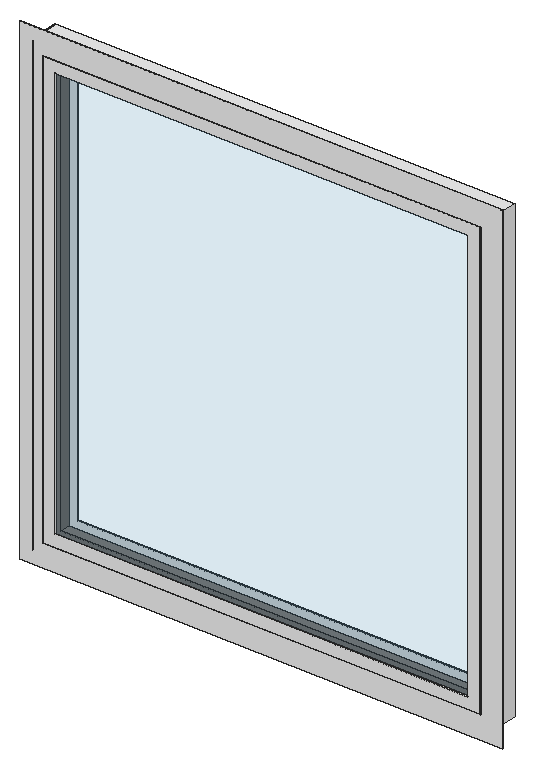
Revit family "Casement_34_I_Top_Hung_Standard", category Windows, host Wall, Revit 2014
Parameters (values of type "Casement_Sash_DG")
  Width Sash [instance] = 30 mm
  Width Sash Inner = 15 mm
  Width Bead = 15 mm
  Top Hung [instance] = yes
  Side Hung Right [instance] = yes
  Side Hung Left [instance] = yes
  Sash Opening Width [instance] = 600 mm
  Sash Opening Height [instance] = 600.312 mm
  Sash Lip = 15 mm
  Glazing Material [instance] = Glass
  DG Start Piece 2 [instance] = DG End Piece 1 + DG Gasket Thickness  # 25 mm
  DG Start Peice 1 [instance] = (Depth Sash - (2 * DG Glazing Thickness) - DG Gasket Thickness) / 2  # 6.6 mm
  Glazing Offset = 5 mm
  DG Glazing Thickness [instance] = 6.4 mm
  DG Gasket Thickness = 12 mm  # constant formula
  DG Gasket Material [instance] = Double Glazing Gasket Material
  DG End Piece 2 [instance] = DG Start Piece 2 + DG Glazing Thickness  # 31.4 mm
  DG End Piece 1 [instance] = DG Start Peice 1 + DG Glazing Thickness  # 13 mm
  Depth Sash [instance] = 38 mm
  Center Vertical Sash [instance] = Sash Opening Height / 2  # 300.156 mm
  Center Horizontal Sash [instance] = Sash Opening Width / 2  # 300 mm
  Bottom Hung [instance] = yes
  Bead Offset = 15 mm
  Aluminium Thickness = 1 mm
  Aluminium Material [instance] = White Powder Coated Aluminium
Reference planes
  plane 1 "Center (Front/Back)": y = 0
  plane 2: z = 0
  plane 3 "Center (Left/Right)": x = 0
Forms (mm)
  Sweep 1, solid, material "White Powder Coated Aluminium" <- "Aluminium Material"
    path origin (16.177, 0, 121.331) x (1, 0, 0) y (0, 0, 1)
      loop
        line (0, 0) -> (600, 0) -> (600, 600.312) -> (0, 600.312) -> (0, 0)
    profile origin (316.177, 0, 121.331) x (0, 0, 1) y (0, -1, 0)
      loop
        line (0, 0) -> (30, 0) -> (30, 1) -> (15, 1) -> (15, 38) -> (-15, 38) -> (-15, 37) -> (0, 37) -> (0, 0)
      loop
        line (14, 1) -> (14, 37) -> (1, 37) -> (1, 1) -> (14, 1)
  Sweep 2, solid, material "White Powder Coated Aluminium" <- "Aluminium Material"
    path origin (0, 0, 0) x (1, 0, 0) y (0, 0, 1)
      loop
        line (31.177, 706.643) -> (31.177, 136.331) -> (601.177, 136.331) -> (601.177, 706.643) -> (31.177, 706.643)
    profile origin (316.177, 0, 706.643) x (0, 0, 1) y (0, -1, 0)
      loop
        line (0, 37) -> (0, 38) -> (-15, 38) -> (-15, 37) -> (0, 37)
  Extrusion 3, solid, material "Glass" <- "Glazing Material"
    sketch origin (0, 0, 0) x (1, 0, 0) y (0, 0, 1)
      loop
        line (36.177, 701.643) -> (36.177, 141.331) -> (596.177, 141.331) -> (596.177, 701.643) -> (36.177, 701.643)
    from 6.6 <- "DG Start Peice 1" to 13 <- "DG End Piece 1"
  Extrusion 4, solid, material "Glass" <- "Glazing Material"
    sketch origin (0, 0, 0) x (1, 0, 0) y (0, 0, 1)
      loop
        line (36.177, 701.643) -> (36.177, 141.331) -> (596.177, 141.331) -> (596.177, 701.643) -> (36.177, 701.643)
    from 31.4 <- "DG End Piece 2" to 25 <- "DG Start Piece 2"
  Sweep 5, solid, material "Double Glazing Gasket Material" <- "DG Gasket Material"
    path origin (0, -13, 0) x (1, 0, 0) y (0, 0, 1)
      loop
        line (36.177, 701.643) -> (36.177, 141.331) -> (596.177, 141.331) -> (596.177, 701.643) -> (36.177, 701.643)
    profile origin (316.177, -13, 701.643) x (0, 0, 1) y (0, -1, 0)
      loop
        line (0, 0) -> (0, 12) -> (-7.96, 12) -> (-7.96, 0) -> (0, 0)
Lines and regions (mm)
  model lines
    curve 1: line (1.177, -38, 736.643) -> (31.177, -38, 706.643)
    curve 2: line (601.177, -38, 706.643) -> (631.177, -38, 736.643)
    curve 3: line (601.177, -38, 136.331) -> (631.177, -38, 106.331)
    curve 4: line (1.177, -38, 106.331) -> (31.177, -38, 136.331)
    curve 5: line (631.177, -37, 736.643) -> (616.177, -37, 721.643)
    curve 6: line (1.177, -37, 736.643) -> (16.177, -37, 721.643)
    curve 7: line (1.177, -37, 106.331) -> (16.177, -37, 121.331)
    curve 8: line (631.177, -37, 106.331) -> (616.177, -37, 121.331)
    curve 9: line (616.177, 0, 121.331) -> (586.177, 0, 151.331)
    curve 10: line (46.177, 0, 151.331) -> (16.177, 0, 121.331)
    curve 11: line (616.177, 0, 721.643) -> (586.177, 0, 691.643)
    curve 12: line (46.177, 0, 691.643) -> (16.177, 0, 721.643)
    curve 13: line (31.177, -38, 691.643) -> (46.177, -38, 691.643)
    curve 14: line (586.177, -38, 691.643) -> (601.177, -38, 691.643)
    curve 15: line (586.177, -38, 151.331) -> (601.177, -38, 151.331)
    curve 16: line (31.177, -38, 151.331) -> (46.177, -38, 151.331)
  model lines, style "GenericModelHiddenLines", visible <- "Top Hung"
    curve 17: line (46.386, -31.4, 690.914) -> (316.177, -31.4, 151.331)
    curve 18: line (316.177, -31.4, 151.331) -> (586.177, -31.4, 691.331)
  model lines, style "GenericModelHiddenLines", visible <- "Bottom Hung"
    curve 19: line (46.177, -31.4, 151.331) -> (316.177, -31.4, 691.331)
    curve 20: line (316.177, -31.4, 691.331) -> (586.177, -31.4, 151.331)
  model lines, style "GenericModelHiddenLines", visible <- "Side Hung Left"
    curve 21: line (46.386, -31.4, 690.914) -> (585.24, -31.4, 421.487)
    curve 22: line (585.24, -31.4, 421.487) -> (46.177, -31.4, 151.331)
  model lines, style "GenericModelHiddenLines", visible <- "Side Hung Right"
    curve 23: line (586.177, -31.4, 691.331) -> (46.177, -31.4, 421.487)
    curve 24: line (46.177, -31.4, 421.487) -> (586.177, -31.4, 151.331)
Dimensions and locks
  "Aluminium Thickness": Sweep 1 sketch curve to Sweep 1 sketch curve  (x4)
  "Depth Sash": Sweep 1 sketch curve to Sweep 1 sketch curve
  "Sash Opening Width": Sweep 1 to Sweep 1
  "Sash Opening Height": Sweep 1 to Sweep 1
  "Width Sash": Sweep 1 sketch curve to Sweep 1 sketch curve  (x2)
  "Width Sash Inner": Sweep 1 sketch curve to Sweep 1 sketch curve
  "Sash Lip": Sweep 1 sketch curve to Sweep 1 sketch curve
  "Aluminium Thickness": Sweep 1 to Sweep 2 sketch curve
  "Glazing Offset": Sweep 2 to Extrusion 3 sketch curve  (x3)
  "Glazing Offset": Extrusion 3 sketch curve to Sweep 2
  Sweep 1 to Sweep 1 = 1 mm
  "Aluminium Thickness": Sweep 2 sketch curve to Sweep 2 sketch curve
  "Width Bead": Sweep 2 sketch curve to Sweep 2 sketch curve
  locked: Sweep 5 sketch curve to Sweep 5 sketch curve at 7.96
  "Center Horizontal Sash": Sweep 1 to curve 18
  "Center Horizontal Sash": Sweep 1 to curve 20
  "Center Vertical Sash": Sweep 1 to curve 22
  "Center Vertical Sash": Sweep 1 to curve 24
  aligned and locked: level to plane 2
  aligned and locked: Sweep 1 sketch curve to Sweep 1 sketch curve  (x2)
  aligned and locked: Sweep 2 sketch curve to Sweep 1  (x5)
  aligned and locked: Extrusion 4 sketch curve to Extrusion 3  (x4)
  aligned and locked: Sweep 5 sketch curve to Extrusion 3  (x5)
  aligned and locked: Extrusion 3 to Sweep 5 sketch curve
Automatic sketch dimensions
  plane 3 "Center (Left/Right)" to Sweep 1 sketch curve = 16.177 mm
  level to Sweep 1 sketch curve = 121.331 mm
  plane 3 "Center (Left/Right)" to Sweep 1 sketch curve = 616.177 mm
  level to Sweep 1 sketch curve = 721.643 mm
  profile plane to Sweep 5 sketch curve = 12 mm
  curve 7 to Sweep 1 = 0 mm  (x4)
  curve 6 to Sweep 1 = 0 mm  (x3)
  Sweep 1 to curve 6 = 0 mm
  curve 5 to Sweep 1 = 0 mm  (x3)
  curve 8 to Sweep 1 = 0 mm  (x4)
  Sweep 1 to curve 5 = 0 mm
  curve 16 to Sweep 2 = 0 mm  (x3)
  curve 13 to Sweep 2 = 0 mm  (x3)
  curve 15 to Sweep 2 = 0 mm
  Sweep 2 to curve 15 = 0 mm  (x2)
  curve 14 to Sweep 2 = 0 mm  (x2)
  Sweep 2 to curve 14 = 0 mm
  curve 1 to Sweep 1 = 0 mm  (x4)
  curve 4 to Sweep 1 = 0 mm  (x3)
  Sweep 1 to curve 4 = 0 mm
  curve 3 to Sweep 1 = 0 mm  (x3)
  curve 2 to Sweep 1 = 0 mm  (x4)
  Sweep 1 to curve 3 = 0 mm
  curve 10 to Sweep 1 = 0 mm  (x4)
  curve 12 to Sweep 1 = 0 mm  (x3)
  Sweep 1 to curve 12 = 0 mm
  curve 9 to Sweep 1 = 0 mm  (x4)
  curve 11 to Sweep 1 = 0 mm  (x3)
  Sweep 1 to curve 11 = 0 mm
  Sweep 1 sketch curve to plane 1 "Center (Front/Back)" = 0 mm
  profile plane to Sweep 1 sketch curve = 0 mm
  curve 21 to Extrusion 4 = 10.208 mm
  curve 19 to Extrusion 4 = 10 mm
  curve 23 to Extrusion 4 = 10 mm  (x2)
  curve 22 to Extrusion 4 = 10.937 mm
  curve 20 to Extrusion 4 = 10 mm
  curve 24 to Extrusion 4 = 10 mm
  curve 22 to Extrusion 4 = 10 mm
  curve 18 to Extrusion 4 = 10 mm
  curve 21 to Extrusion 4 = 10.729 mm
  curve 19 to Extrusion 4 = 10.312 mm
  curve 18 to Extrusion 4 = 10.312 mm
Types in the file's own list only (21): name | Windload Design | Width Sash Opening | Width Sash 2 | Width Sash 1 | Width Profile | Width Panel 4 | Width Panel 3 | Width Panel 2 | Width Panel 1 | Width | URL | Max System DG Unit Thickness | Max System DG One Piece Thickness | Max Pane Area | Limit Sash Bottom Height Max Calc | Limit Sash Bottom Height Max Based On Top Sash | Intruderprufe SHGC Value | Intruderprufe LowE U Value | Intruderprufe LowE SHGC Value | Height | Energy Advantage U Value | Energy Advantage SHGC Value | DG Thickness Calc | Custom Window Width | Custom Window Height | Custom Windload | Custom Sash Width | Custom Sash Bottom Height | Custom Sash Top Height | Sash Spacing Inner | Sash Overlap | Sash Center Offset | SG Gasket Thickness | Offset Window Exterior | Offset Sash Left | Offset Sash 2 Top | Offset Sash 1 Top | Offset Panel 4 Left | Offset Panel 3 Bead Top | Offset Mullion Left | Offset Transom 2 Top | Offset Transom 1 Top | Offset Bead SG Center Reversed | Model | Manufacturer | Limit Window Width Min | Limit Window Width Max | Limit Window Height Min | Limit Window Height Max | Limit Sash Width Min | Limit Sash Width Max | Limit Sash Bottom Height Min | Limit Sash Bottom Height Max | Limit Sash Top Height Min | Limit Sash Top Height Max | Limit Fixed Pane Width Min | Limit Fixed Pane Width Max | Limit Fixed Pane Height Min | Limit Fixed Pane Height Max | Length Transom | Length Mullion | Height Sash Bottom Opening | Height Sash Bottom | Height Sash Top Opening | Height Sash Top | Height Panel 4 | Height Panel 3 | Height Panel 2 | Height Panel 1 | Description | Depth Mullion | Frame Center Offset | Depth Bead | Default Sill Height | Wall Closure | DG Gasket Finish | DG Extrusion Start | Mullion Depth Windload Based | Window Exterior Offset | Clearvue SHGC Value | Clearvue Insulated U Value | Clearvue Insulated SHGC Value | Clearvue Insulated LowE U Value | Clearvue Insulated LowE SHGC Value | Casement Dimension | Bottom Hung | Bead SG Gap | Area Pane Right | Area Pane Left Top | Area Pane Left Middle | Area Pane Left Bottom
  34-1215DT-1000Pa | 1000 mm | 554 mm | 524 mm | 524 mm | 30 mm | 560 mm | 540 mm | 540 mm | 540 mm | 1190 mm | "http://www.crealco.co.za/crealco-products.php" | 20 mm | 4 mm | 0.78 m² | 644 mm | 644 mm | 0.834 | 6.53 | 0.744 | 1490 mm | 6.76 | 0.793 | 4 mm | 1190 mm | 1490 mm | 1000 mm | 554 mm | 554 mm | 554 mm | 8 mm | 7 mm | 14 mm | 6 mm | 17 mm | 23 mm | 593 mm | 23 mm | 600 mm | 1170 mm | 570 mm | 1140 mm | 570 mm | 17 mm | "Casement 34" | "Crealco" | 830 mm | 2130 mm | 1400 mm | 1860 mm | 300 mm | 1200 mm | 300 mm | 644 mm | 300 mm | 900 mm | 200 mm | 1500 mm | 200 mm | 1800 mm | 540 mm | 1490 mm | 554 mm | 524 mm | 554 mm | 524 mm | 1430 mm | 290 mm | 540 mm | 540 mm | "Window 34mm, Type I top hung" | 54 mm | 17 mm | 20 mm | 800 mm | By host | Double Glazing Gasket Material | 7 mm | 54 mm | 0 mm | 0.885 | 5.68 | 0.801 | 5.06 | 0.717 | 34 mm | No | 13 mm | 0.78 m² | 0.23 m² | 0.23 m² | 0.15 m²
  34-1215DT-1500Pa | 1500 mm | 554 mm | 524 mm | 524 mm | 30 mm | 560 mm | 540 mm | 540 mm | 540 mm | 1190 mm | "http://www.crealco.co.za/crealco-products.php" | 20 mm | 4 mm | 0.78 m² | 644 mm | 644 mm | 0.834 | 6.53 | 0.744 | 1490 mm | 6.76 | 0.793 | 4 mm | 1190 mm | 1490 mm | 1500 mm | 554 mm | 554 mm | 554 mm | 8 mm | 7 mm | 14 mm | 6 mm | 17 mm | 23 mm | 593 mm | 23 mm | 600 mm | 1170 mm | 570 mm | 1140 mm | 570 mm | 17 mm | "Casement 34" | "Crealco" | 830 mm | 2130 mm | 1400 mm | 1860 mm | 300 mm | 1200 mm | 300 mm | 644 mm | 300 mm | 900 mm | 200 mm | 1500 mm | 200 mm | 1800 mm | 540 mm | 1490 mm | 554 mm | 524 mm | 554 mm | 524 mm | 1430 mm | 290 mm | 540 mm | 540 mm | "Window 34mm, Type I top hung" | 54 mm | 17 mm | 20 mm | 800 mm | By host | Double Glazing Gasket Material | 7 mm | 54 mm | 0 mm | 0.885 | 5.68 | 0.801 | 5.06 | 0.717 | 34 mm | No | 13 mm | 0.78 m² | 0.23 m² | 0.23 m² | 0.15 m²
  34-1215DT-2000Pa | 2000 mm | 554 mm | 524 mm | 524 mm | 30 mm | 560 mm | 540 mm | 540 mm | 540 mm | 1190 mm | "http://www.crealco.co.za/crealco-products.php" | 20 mm | 4 mm | 0.78 m² | 644 mm | 644 mm | 0.834 | 6.53 | 0.744 | 1490 mm | 6.76 | 0.793 | 4 mm | 1190 mm | 1490 mm | 2000 mm | 554 mm | 554 mm | 554 mm | 8 mm | 7 mm | 14 mm | 6 mm | 17 mm | 23 mm | 593 mm | 23 mm | 600 mm | 1170 mm | 570 mm | 1140 mm | 570 mm | 17 mm | "Casement 34" | "Crealco" | 830 mm | 2130 mm | 1400 mm | 1860 mm | 300 mm | 1200 mm | 300 mm | 644 mm | 300 mm | 900 mm | 200 mm | 1500 mm | 200 mm | 1800 mm | 540 mm | 1490 mm | 554 mm | 524 mm | 554 mm | 524 mm | 1430 mm | 290 mm | 540 mm | 540 mm | "Window 34mm, Type I top hung" | 54 mm | 17 mm | 20 mm | 800 mm | By host | Double Glazing Gasket Material | 7 mm | 54 mm | 0 mm | 0.885 | 5.68 | 0.801 | 5.06 | 0.717 | 34 mm | No | 13 mm | 0.78 m² | 0.23 m² | 0.23 m² | 0.15 m²
  34-1515DT-1000Pa | 1000 mm | 554 mm | 524 mm | 524 mm | 30 mm | 860 mm | 540 mm | 540 mm | 540 mm | 1490 mm | "http://www.crealco.co.za/crealco-products.php" | 20 mm | 4 mm | 1.21 m² | 644 mm | 644 mm | 0.968 | 6.89 | 0.86 | 1490 mm | 7.15 | 0.919 | 4 mm | 1490 mm | 1490 mm | 1000 mm | 554 mm | 554 mm | 554 mm | 8 mm | 7 mm | 14 mm | 6 mm | 17 mm | 23 mm | 593 mm | 23 mm | 600 mm | 1170 mm | 570 mm | 1140 mm | 570 mm | 17 mm | "Casement 34" | "Crealco" | 830 mm | 2130 mm | 1400 mm | 1860 mm | 300 mm | 1200 mm | 300 mm | 644 mm | 300 mm | 900 mm | 200 mm | 1500 mm | 200 mm | 1800 mm | 540 mm | 1490 mm | 554 mm | 524 mm | 554 mm | 524 mm | 1430 mm | 290 mm | 540 mm | 540 mm | "Window 34mm, Type I top hung" | 54 mm | 17 mm | 20 mm | 800 mm | By host | Double Glazing Gasket Material | 7 mm | 54 mm | 0 mm | 1.026 | 5.92 | 0.923 | 5.14 | 0.829 | 34 mm | No | 13 mm | 1.21 m² | 0.23 m² | 0.23 m² | 0.15 m²
  34-1515DT-1500Pa | 1500 mm | 554 mm | 524 mm | 524 mm | 30 mm | 860 mm | 540 mm | 540 mm | 540 mm | 1490 mm | "http://www.crealco.co.za/crealco-products.php" | 20 mm | 4 mm | 1.21 m² | 644 mm | 644 mm | 0.968 | 6.89 | 0.86 | 1490 mm | 7.15 | 0.919 | 4 mm | 1490 mm | 1490 mm | 1500 mm | 554 mm | 554 mm | 554 mm | 8 mm | 7 mm | 14 mm | 6 mm | 17 mm | 23 mm | 593 mm | 23 mm | 600 mm | 1170 mm | 570 mm | 1140 mm | 570 mm | 17 mm | "Casement 34" | "Crealco" | 830 mm | 2130 mm | 1400 mm | 1860 mm | 300 mm | 1200 mm | 300 mm | 644 mm | 300 mm | 900 mm | 200 mm | 1500 mm | 200 mm | 1800 mm | 540 mm | 1490 mm | 554 mm | 524 mm | 554 mm | 524 mm | 1430 mm | 290 mm | 540 mm | 540 mm | "Window 34mm, Type I top hung" | 54 mm | 17 mm | 20 mm | 800 mm | By host | Double Glazing Gasket Material | 7 mm | 54 mm | 0 mm | 1.026 | 5.92 | 0.923 | 5.14 | 0.829 | 34 mm | No | 13 mm | 1.21 m² | 0.23 m² | 0.23 m² | 0.15 m²
  34-1515DT-2000Pa | 2000 mm | 554 mm | 524 mm | 524 mm | 30 mm | 860 mm | 540 mm | 540 mm | 540 mm | 1490 mm | "http://www.crealco.co.za/crealco-products.php" | 20 mm | 4 mm | 1.21 m² | 644 mm | 644 mm | 0.97 | 6.96 | 0.861 | 1490 mm | 7.23 | 0.919 | 4 mm | 1490 mm | 1490 mm | 2000 mm | 554 mm | 554 mm | 554 mm | 8 mm | 7 mm | 14 mm | 6 mm | 17 mm | 23 mm | 593 mm | 23 mm | 600 mm | 1170 mm | 570 mm | 1140 mm | 570 mm | 17 mm | "Casement 34" | "Crealco" | 830 mm | 2130 mm | 1400 mm | 1860 mm | 300 mm | 1200 mm | 300 mm | 644 mm | 300 mm | 900 mm | 200 mm | 1500 mm | 200 mm | 1800 mm | 540 mm | 1490 mm | 554 mm | 524 mm | 554 mm | 524 mm | 1430 mm | 290 mm | 540 mm | 540 mm | "Window 34mm, Type I top hung" | 70 mm | 17 mm | 20 mm | 800 mm | By host | Double Glazing Gasket Material | 7 mm | 70 mm | 0 mm | 1.027 | 6.05 | 0.913 | 5.18 | 0.831 | 34 mm | No | 13 mm | 1.21 m² | 0.23 m² | 0.23 m² | 0.15 m²
  34-1218DT-1000Pa | 1000 mm | 554 mm | 524 mm | 524 mm | 30 mm | 560 mm | 540 mm | 540 mm | 540 mm | 1190 mm | "http://www.crealco.co.za/crealco-products.php" | 20 mm | 4 mm | 0.95 m² | 900 mm | 944 mm | 0.902 | 6.77 | 0.803 | 1790 mm | 6.99 | 0.857 | 4 mm | 1190 mm | 1790 mm | 1000 mm | 554 mm | 554 mm | 554 mm | 8 mm | 7 mm | 14 mm | 6 mm | 17 mm | 23 mm | 593 mm | 23 mm | 600 mm | 1170 mm | 570 mm | 1140 mm | 570 mm | 17 mm | "Casement 34" | "Crealco" | 830 mm | 2130 mm | 1400 mm | 1860 mm | 300 mm | 1200 mm | 300 mm | 900 mm | 300 mm | 900 mm | 200 mm | 1500 mm | 200 mm | 1800 mm | 540 mm | 1790 mm | 554 mm | 524 mm | 554 mm | 524 mm | 1730 mm | 590 mm | 540 mm | 540 mm | "Window 34mm, Type I top hung" | 54 mm | 17 mm | 20 mm | 800 mm | By host | Double Glazing Gasket Material | 7 mm | 54 mm | 0 mm | 0.956 | 5.83 | 0.864 | 5.14 | 0.774 | 34 mm | No | 13 mm | 0.95 m² | 0.23 m² | 0.23 m² | 0.31 m²
  34-1218DT-1500Pa | 1500 mm | 554 mm | 524 mm | 524 mm | 30 mm | 560 mm | 540 mm | 540 mm | 540 mm | 1190 mm | "http://www.crealco.co.za/crealco-products.php" | 20 mm | 4 mm | 0.95 m² | 900 mm | 944 mm | 0.903 | 6.84 | 0.803 | 1790 mm | 7.08 | 0.857 | 4 mm | 1190 mm | 1790 mm | 1500 mm | 554 mm | 554 mm | 554 mm | 8 mm | 7 mm | 14 mm | 6 mm | 17 mm | 23 mm | 593 mm | 23 mm | 600 mm | 1170 mm | 570 mm | 1140 mm | 570 mm | 17 mm | "Casement 34" | "Crealco" | 830 mm | 2130 mm | 1400 mm | 1860 mm | 300 mm | 1200 mm | 300 mm | 900 mm | 300 mm | 900 mm | 200 mm | 1500 mm | 200 mm | 1800 mm | 540 mm | 1790 mm | 554 mm | 524 mm | 554 mm | 524 mm | 1730 mm | 590 mm | 540 mm | 540 mm | "Window 34mm, Type I top hung" | 70 mm | 17 mm | 20 mm | 800 mm | By host | Double Glazing Gasket Material | 7 mm | 70 mm | 0 mm | 0.957 | 5.98 | 0.852 | 5.19 | 0.776 | 34 mm | No | 13 mm | 0.95 m² | 0.23 m² | 0.23 m² | 0.31 m²
  34-1218DT-2000Pa | 2000 mm | 554 mm | 524 mm | 524 mm | 30 mm | 560 mm | 540 mm | 540 mm | 540 mm | 1190 mm | "http://www.crealco.co.za/crealco-products.php" | 20 mm | 4 mm | 0.95 m² | 900 mm | 944 mm | 0.903 | 6.84 | 0.803 | 1790 mm | 7.08 | 0.857 | 4 mm | 1190 mm | 1790 mm | 2000 mm | 554 mm | 554 mm | 554 mm | 8 mm | 7 mm | 14 mm | 6 mm | 17 mm | 23 mm | 593 mm | 23 mm | 600 mm | 1170 mm | 570 mm | 1140 mm | 570 mm | 17 mm | "Casement 34" | "Crealco" | 830 mm | 2130 mm | 1400 mm | 1860 mm | 300 mm | 1200 mm | 300 mm | 900 mm | 300 mm | 900 mm | 200 mm | 1500 mm | 200 mm | 1800 mm | 540 mm | 1790 mm | 554 mm | 524 mm | 554 mm | 524 mm | 1730 mm | 590 mm | 540 mm | 540 mm | "Window 34mm, Type I top hung" | 70 mm | 17 mm | 20 mm | 800 mm | By host | Double Glazing Gasket Material | 7 mm | 70 mm | 0 mm | 0.957 | 5.98 | 0.852 | 5.19 | 0.776 | 34 mm | No | 13 mm | 0.95 m² | 0.23 m² | 0.23 m² | 0.31 m²
  34-1518DT-1000Pa | 1000 mm | 554 mm | 524 mm | 524 mm | 30 mm | 860 mm | 540 mm | 540 mm | 540 mm | 1490 mm | "http://www.crealco.co.za/crealco-products.php" | 20 mm | 4 mm | 1.46 m² | 900 mm | 944 mm | 1.061 | 7.33 | 0.94 | 1790 mm | 7.9 | 0 | 4 mm | 1490 mm | 1790 mm | 1000 mm | 554 mm | 554 mm | 554 mm | 8 mm | 7 mm | 14 mm | 6 mm | 17 mm | 23 mm | 593 mm | 23 mm | 600 mm | 1170 mm | 570 mm | 1140 mm | 570 mm | 17 mm | "Casement 34" | "Crealco" | 830 mm | 2130 mm | 1400 mm | 1860 mm | 300 mm | 1200 mm | 300 mm | 900 mm | 300 mm | 900 mm | 200 mm | 1500 mm | 200 mm | 1800 mm | 540 mm | 1790 mm | 554 mm | 524 mm | 554 mm | 524 mm | 1730 mm | 590 mm | 540 mm | 540 mm | "Window 34mm, Type I top hung" | 70 mm | 17 mm | 20 mm | 800 mm | By host | Double Glazing Gasket Material | 7 mm | 70 mm | 0 mm | 0 | 6.31 | 0.998 | 5.35 | 0.908 | 34 mm | No | 13 mm | 1.46 m² | 0.23 m² | 0.23 m² | 0.31 m²
  34-1518DT-1500Pa | 1500 mm | 554 mm | 524 mm | 524 mm | 30 mm | 860 mm | 540 mm | 540 mm | 540 mm | 1490 mm | "http://www.crealco.co.za/crealco-products.php" | 20 mm | 4 mm | 1.46 m² | 900 mm | 944 mm | 1.061 | 7.33 | 0.94 | 1790 mm | 7.9 | 0 | 4 mm | 1490 mm | 1790 mm | 1500 mm | 554 mm | 554 mm | 554 mm | 8 mm | 7 mm | 14 mm | 6 mm | 17 mm | 23 mm | 593 mm | 23 mm | 600 mm | 1170 mm | 570 mm | 1140 mm | 570 mm | 17 mm | "Casement 34" | "Crealco" | 830 mm | 2130 mm | 1400 mm | 1860 mm | 300 mm | 1200 mm | 300 mm | 900 mm | 300 mm | 900 mm | 200 mm | 1500 mm | 200 mm | 1800 mm | 540 mm | 1790 mm | 554 mm | 524 mm | 554 mm | 524 mm | 1730 mm | 590 mm | 540 mm | 540 mm | "Window 34mm, Type I top hung" | 70 mm | 17 mm | 20 mm | 800 mm | By host | Double Glazing Gasket Material | 7 mm | 70 mm | 0 mm | 0 | 6.31 | 0.998 | 5.35 | 0.908 | 34 mm | No | 13 mm | 1.46 m² | 0.23 m² | 0.23 m² | 0.31 m²
  34-1815DT-1000Pa | 1000 mm | 900 mm | 870 mm | 870 mm | 30 mm | 814 mm | 886 mm | 886 mm | 886 mm | 1790 mm | "http://www.crealco.co.za/crealco-products.php" | 20 mm | 4 mm | 1.14 m² | 644 mm | 644 mm | 0.89 | 6.27 | 0.79 | 1490 mm | 6.46 | 0.844 | 4 mm | 1790 mm | 1490 mm | 1000 mm | 900 mm | 554 mm | 554 mm | 8 mm | 7 mm | 14 mm | 6 mm | 17 mm | 23 mm | 593 mm | 23 mm | 946 mm | 1170 mm | 916 mm | 1140 mm | 570 mm | 17 mm | "Casement 34" | "Crealco" | 1176 mm | 2476 mm | 1400 mm | 1860 mm | 300 mm | 1200 mm | 300 mm | 644 mm | 300 mm | 900 mm | 200 mm | 1500 mm | 200 mm | 1800 mm | 886 mm | 1490 mm | 554 mm | 524 mm | 554 mm | 524 mm | 1430 mm | 290 mm | 540 mm | 540 mm | "Window 34mm, Type I top hung" | 54 mm | 17 mm | 20 mm | 800 mm | By host | Double Glazing Gasket Material | 7 mm | 54 mm | 0 mm | 0.943 | 5.38 | 0.846 | 4.64 | 0.761 | 34 mm | No | 13 mm | 1.14 m² | 0.40 m² | 0.40 m² | 0.25 m²
  34-1815DT-1500Pa | 1500 mm | 900 mm | 870 mm | 870 mm | 30 mm | 814 mm | 886 mm | 886 mm | 886 mm | 1790 mm | "http://www.crealco.co.za/crealco-products.php" | 20 mm | 4 mm | 1.14 m² | 644 mm | 644 mm | 0.891 | 6.32 | 0.79 | 1490 mm | 6.55 | 0.844 | 4 mm | 1790 mm | 1490 mm | 1500 mm | 900 mm | 554 mm | 554 mm | 8 mm | 7 mm | 14 mm | 6 mm | 17 mm | 23 mm | 593 mm | 23 mm | 946 mm | 1170 mm | 916 mm | 1140 mm | 570 mm | 17 mm | "Casement 34" | "Crealco" | 1176 mm | 2476 mm | 1400 mm | 1860 mm | 300 mm | 1200 mm | 300 mm | 644 mm | 300 mm | 900 mm | 200 mm | 1500 mm | 200 mm | 1800 mm | 886 mm | 1490 mm | 554 mm | 524 mm | 554 mm | 524 mm | 1430 mm | 290 mm | 540 mm | 540 mm | "Window 34mm, Type I top hung" | 70 mm | 17 mm | 20 mm | 800 mm | By host | Double Glazing Gasket Material | 7 mm | 70 mm | 0 mm | 0.943 | 5.48 | 0.838 | 4.67 | 0.763 | 34 mm | No | 13 mm | 1.14 m² | 0.40 m² | 0.40 m² | 0.25 m²
  34-1815DT-2000Pa | 2000 mm | 900 mm | 870 mm | 870 mm | 30 mm | 514 mm | 886 mm | 886 mm | 886 mm | 1490 mm | "http://www.crealco.co.za/crealco-products.php" | 20 mm | 4 mm | 0.72 m² | 644 mm | 644 mm | 0.891 | 6.32 | 0.79 | 1490 mm | 6.55 | 0.844 | 4 mm | 1490 mm | 1490 mm | 2000 mm | 900 mm | 554 mm | 554 mm | 8 mm | 7 mm | 14 mm | 6 mm | 17 mm | 23 mm | 593 mm | 23 mm | 946 mm | 1170 mm | 916 mm | 1140 mm | 570 mm | 17 mm | "Casement 34" | "Crealco" | 1176 mm | 2476 mm | 1400 mm | 1860 mm | 300 mm | 1200 mm | 300 mm | 644 mm | 300 mm | 900 mm | 200 mm | 1500 mm | 200 mm | 1800 mm | 886 mm | 1490 mm | 554 mm | 524 mm | 554 mm | 524 mm | 1430 mm | 290 mm | 540 mm | 540 mm | "Window 34mm, Type I top hung" | 70 mm | 17 mm | 20 mm | 800 mm | By host | Double Glazing Gasket Material | 7 mm | 70 mm | 0 mm | 0.943 | 5.48 | 0.838 | 4.67 | 0.763 | 34 mm | No | 13 mm | 0.72 m² | 0.40 m² | 0.40 m² | 0.25 m²
  34-2415DT-1000Pa | 1000 mm | 900 mm | 870 mm | 870 mm | 30 mm | 1414 mm | 886 mm | 886 mm | 886 mm | 2390 mm | "http://www.crealco.co.za/crealco-products.php" | 20 mm | 4 mm | 1.99 m² | 644 mm | 644 mm | 1.053 | 6.77 | 0.931 | 1490 mm | 7.9 | 0 | 4 mm | 2390 mm | 1490 mm | 1000 mm | 900 mm | 554 mm | 554 mm | 8 mm | 7 mm | 14 mm | 6 mm | 17 mm | 23 mm | 593 mm | 23 mm | 946 mm | 1170 mm | 916 mm | 1140 mm | 570 mm | 17 mm | "Casement 34" | "Crealco" | 1176 mm | 2476 mm | 1400 mm | 1860 mm | 300 mm | 1200 mm | 300 mm | 644 mm | 300 mm | 900 mm | 200 mm | 1500 mm | 200 mm | 1800 mm | 886 mm | 1490 mm | 554 mm | 524 mm | 554 mm | 524 mm | 1430 mm | 290 mm | 540 mm | 540 mm | "Window 34mm, Type I top hung" | 54 mm | 17 mm | 20 mm | 800 mm | By host | Double Glazing Gasket Material | 7 mm | 54 mm | 0 mm | 0 | 5.73 | 0.995 | 4.81 | 0.898 | 34 mm | No | 13 mm | 1.99 m² | 0.40 m² | 0.40 m² | 0.25 m²
  34-2415DT-1500Pa | 1500 mm | 900 mm | 870 mm | 870 mm | 30 mm | 1414 mm | 886 mm | 886 mm | 886 mm | 2390 mm | "http://www.crealco.co.za/crealco-products.php" | 20 mm | 4 mm | 1.99 m² | 644 mm | 644 mm | 1.053 | 6.81 | 0.931 | 1490 mm | 7.9 | 0 | 4 mm | 2390 mm | 1490 mm | 1500 mm | 900 mm | 554 mm | 554 mm | 8 mm | 7 mm | 14 mm | 6 mm | 17 mm | 23 mm | 593 mm | 23 mm | 946 mm | 1170 mm | 916 mm | 1140 mm | 570 mm | 17 mm | "Casement 34" | "Crealco" | 1176 mm | 2476 mm | 1400 mm | 1860 mm | 300 mm | 1200 mm | 300 mm | 644 mm | 300 mm | 900 mm | 200 mm | 1500 mm | 200 mm | 1800 mm | 886 mm | 1490 mm | 554 mm | 524 mm | 554 mm | 524 mm | 1430 mm | 290 mm | 540 mm | 540 mm | "Window 34mm, Type I top hung" | 70 mm | 17 mm | 20 mm | 800 mm | By host | Double Glazing Gasket Material | 7 mm | 70 mm | 0 mm | 0 | 5.81 | 0.988 | 4.84 | 0.899 | 34 mm | No | 13 mm | 1.99 m² | 0.40 m² | 0.40 m² | 0.25 m²
  34-2415DT-2000Pa | 2000 mm | 900 mm | 870 mm | 870 mm | 30 mm | 1414 mm | 886 mm | 886 mm | 886 mm | 2390 mm | "http://www.crealco.co.za/crealco-products.php" | 20 mm | 4 mm | 1.99 m² | 644 mm | 644 mm | 1.053 | 6.81 | 0.931 | 1490 mm | 7.9 | 0 | 4 mm | 2390 mm | 1490 mm | 2000 mm | 900 mm | 554 mm | 554 mm | 8 mm | 7 mm | 14 mm | 6 mm | 17 mm | 23 mm | 593 mm | 23 mm | 946 mm | 1170 mm | 916 mm | 1140 mm | 570 mm | 17 mm | "Casement 34" | "Crealco" | 1176 mm | 2476 mm | 1400 mm | 1860 mm | 300 mm | 1200 mm | 300 mm | 644 mm | 300 mm | 900 mm | 200 mm | 1500 mm | 200 mm | 1800 mm | 886 mm | 1490 mm | 554 mm | 524 mm | 554 mm | 524 mm | 1430 mm | 290 mm | 540 mm | 540 mm | "Window 34mm, Type I top hung" | 70 mm | 17 mm | 20 mm | 800 mm | By host | Double Glazing Gasket Material | 7 mm | 70 mm | 0 mm | 0 | 5.81 | 0.988 | 4.84 | 0.899 | 34 mm | No | 13 mm | 1.99 m² | 0.40 m² | 0.40 m² | 0.25 m²
  34-1818DT-1000Pa | 1000 mm | 900 mm | 870 mm | 870 mm | 30 mm | 814 mm | 886 mm | 886 mm | 886 mm | 1790 mm | "http://www.crealco.co.za/crealco-products.php" | 20 mm | 4 mm | 1.38 m² | 900 mm | 944 mm | 0.962 | 6.54 | 0.852 | 1790 mm | 7.9 | 0 | 4 mm | 1790 mm | 1790 mm | 1000 mm | 900 mm | 554 mm | 554 mm | 8 mm | 7 mm | 14 mm | 6 mm | 17 mm | 23 mm | 593 mm | 23 mm | 946 mm | 1170 mm | 916 mm | 1140 mm | 570 mm | 17 mm | "Casement 34" | "Crealco" | 1176 mm | 2476 mm | 1400 mm | 1860 mm | 300 mm | 1200 mm | 300 mm | 900 mm | 300 mm | 900 mm | 200 mm | 1500 mm | 200 mm | 1800 mm | 886 mm | 1790 mm | 554 mm | 524 mm | 554 mm | 524 mm | 1730 mm | 590 mm | 540 mm | 540 mm | "Window 34mm, Type I top hung" | 70 mm | 17 mm | 20 mm | 800 mm | By host | Double Glazing Gasket Material | 7 mm | 70 mm | 0 mm | 0 | 5.6 | 0.904 | 4.73 | 0.822 | 34 mm | No | 13 mm | 1.38 m² | 0.40 m² | 0.40 m² | 0.51 m²
  34-1818DT-1500Pa | 1500 mm | 900 mm | 870 mm | 870 mm | 30 mm | 814 mm | 886 mm | 886 mm | 886 mm | 1790 mm | "http://www.crealco.co.za/crealco-products.php" | 20 mm | 4 mm | 1.38 m² | 900 mm | 944 mm | 0.962 | 6.54 | 0.852 | 1790 mm | 7.9 | 0 | 4 mm | 1790 mm | 1790 mm | 1500 mm | 900 mm | 554 mm | 554 mm | 8 mm | 7 mm | 14 mm | 6 mm | 17 mm | 23 mm | 593 mm | 23 mm | 946 mm | 1170 mm | 916 mm | 1140 mm | 570 mm | 17 mm | "Casement 34" | "Crealco" | 1176 mm | 2476 mm | 1400 mm | 1860 mm | 300 mm | 1200 mm | 300 mm | 900 mm | 300 mm | 900 mm | 200 mm | 1500 mm | 200 mm | 1800 mm | 886 mm | 1790 mm | 554 mm | 524 mm | 554 mm | 524 mm | 1730 mm | 590 mm | 540 mm | 540 mm | "Window 34mm, Type I top hung" | 70 mm | 17 mm | 20 mm | 800 mm | By host | Double Glazing Gasket Material | 7 mm | 70 mm | 0 mm | 0 | 5.6 | 0.904 | 4.73 | 0.822 | 34 mm | No | 13 mm | 1.38 m² | 0.40 m² | 0.40 m² | 0.51 m²
  34-2418DT-1000Pa | 1000 mm | 900 mm | 870 mm | 870 mm | 30 mm | 1414 mm | 886 mm | 886 mm | 886 mm | 2390 mm | "http://www.crealco.co.za/crealco-products.php" | 20 mm | 4 mm | 2.41 m² | 900 mm | 944 mm | 1.155 | 7.21 | 1.02 | 1790 mm | 7.9 | 0 | 5 mm | 2390 mm | 1790 mm | 1000 mm | 900 mm | 554 mm | 554 mm | 8 mm | 7 mm | 14 mm | 6 mm | 17 mm | 23 mm | 593 mm | 23 mm | 946 mm | 1170 mm | 916 mm | 1140 mm | 570 mm | 17 mm | "Casement 34" | "Crealco" | 1176 mm | 2476 mm | 1400 mm | 1860 mm | 300 mm | 1200 mm | 300 mm | 900 mm | 300 mm | 900 mm | 200 mm | 1500 mm | 200 mm | 1800 mm | 886 mm | 1790 mm | 554 mm | 524 mm | 554 mm | 524 mm | 1730 mm | 590 mm | 540 mm | 540 mm | "Window 34mm, Type I top hung" | 70 mm | 17 mm | 20 mm | 800 mm | By host | Double Glazing Gasket Material | 7 mm | 70 mm | 0 mm | 0 | 7.9 | 0 | 7.9 | 0 | 34 mm | No | 13 mm | 2.41 m² | 0.40 m² | 0.40 m² | 0.51 m²
  34-2418DT-1500Pa | 1500 mm | 900 mm | 870 mm | 870 mm | 30 mm | 1414 mm | 886 mm | 886 mm | 886 mm | 2390 mm | "http://www.crealco.co.za/crealco-products.php" | 20 mm | 4 mm | 2.41 m² | 900 mm | 944 mm | 1.155 | 7.21 | 1.02 | 1790 mm | 7.9 | 0 | 5 mm | 2390 mm | 1790 mm | 1500 mm | 900 mm | 554 mm | 554 mm | 8 mm | 7 mm | 14 mm | 6 mm | 17 mm | 23 mm | 593 mm | 23 mm | 946 mm | 1170 mm | 916 mm | 1140 mm | 570 mm | 17 mm | "Casement 34" | "Crealco" | 1176 mm | 2476 mm | 1400 mm | 1860 mm | 300 mm | 1200 mm | 300 mm | 900 mm | 300 mm | 900 mm | 200 mm | 1500 mm | 200 mm | 1800 mm | 886 mm | 1790 mm | 554 mm | 524 mm | 554 mm | 524 mm | 1730 mm | 590 mm | 540 mm | 540 mm | "Window 34mm, Type I top hung" | 70 mm | 17 mm | 20 mm | 800 mm | By host | Double Glazing Gasket Material | 7 mm | 70 mm | 0 mm | 0 | 7.9 | 0 | 7.9 | 0 | 34 mm | No | 13 mm | 2.41 m² | 0.40 m² | 0.40 m² | 0.51 m²
